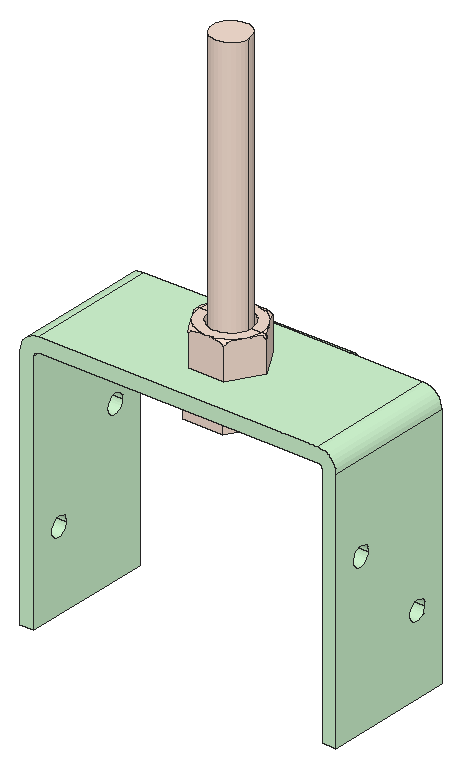
Revit family "キャッチャーボルト65幅", category 機械設備, Revit 2020
Family settings
  丸型コネクタ寸法 = 直径を使用
  種別 = なし
  パーツ タイプ = 標準
  作業面ベース = いいえ
  常に垂直 = はい
  ロード時にボイドで切り取り = いいえ
  共有 = いいえ
  部屋計算ポイント = いいえ
Parameters
  製造元 = "株式会社桐井製作所"
  既定の高さ = 0 mm
  URL = "https://www.kirii.co.jp/"
  K_品名 = "キャッチャーボルト65幅"
  K_名称 = "斜め部材(ブレース)上部取付金具"
  K_バージョン情報 = "20250901"
Reference planes
  plane 1 "中心(正面/背面)": y = 0
  plane 2: z = 0
  plane 3 "中心(左/右)": x = 0
Forms (mm)
  Extrusion 1, void
    sketch origin (0, 0, 0) x (1, 0, 0) y (0, 0, 1)
      loop
        circle (8, 50.787) r 2.25
      loop
        circle (-8, 50.743) r 2.25
    from 0 to -3.2
  Extrusion 2, solid
    sketch origin (0, 0, -5) x (0, 1, 0) y (0, 0, 1)
      loop
        line (0, 65) -> (0, 42.763) -> (3.2, 42.763) -> (3.2, 60.921)
        arc (3.2, 60.921) -> (2.305, 63.513) -> (0, 65) r 4.2
    from 15 to -15
  Extrusion 3, solid
    sketch origin (4.144, 0, -25.761) x (1, 0, 0) y (0, 0, 1)
      loop
        line (27.606, 85.761) -> (-35.894, 85.761)
        arc (-35.894, 85.761) -> (-38.864, 84.531) -> (-40.094, 81.561) r 4.2
        line (-40.094, 81.561) -> (-40.094, 25.761) -> (-36.836, 25.761) -> (-36.836, 81.561)
        arc (-36.836, 81.561) -> (-36.543, 82.268) -> (-35.836, 82.561) r 1
        line (-35.836, 82.561) -> (-14.521, 82.561) -> (15.479, 82.561) -> (27.667, 82.561)
        arc (27.667, 82.561) -> (28.374, 82.268) -> (28.667, 81.561) r 1
        line (28.667, 81.561) -> (28.667, 25.761) -> (31.806, 25.761) -> (31.806, 81.561)
        arc (31.806, 81.561) -> (30.576, 84.531) -> (27.606, 85.761) r 4.2
    from 0 to 30
  Extrusion 4, void
    sketch origin (0, -5, 52.1) x (1, 0, 0) y (0, 1, 0)
      loop
        circle (0, -10) r 5
    from 4.7 to 7.9
  Extrusion 5, void
    sketch origin (0, -30, 0) x (0, -1, 0) y (0, 0, -1)
      loop
        circle (-7, -36) r 2.25
      loop
        circle (-23, -18) r 2.25
    from 35.95 to 32.811
  Extrusion 6, void
    sketch origin (-68.761, 0, 0) x (0, 1, 0) y (0, 0, 1)
      loop
        circle (-7, 36) r 2.25
      loop
        circle (-23, 18) r 2.25
    from 35.95 to 32.811
Cuts and joins
  Extrusion 1, Extrusion 5, Extrusion 6 cuts Extrusion 2
  Extrusion 4, Extrusion 5, Extrusion 6 cuts Extrusion 3
  joined: Extrusion 2, Extrusion 3
Dimensions and locks
  aligned and locked: level to plane 2
Nested families
  nested 1: "ナット" at (0, -15, 60) x (-1, 0, 0) z (0, 0, 1), type "ナット"
  nested 2: "M10×70ボルト" at (0, -15, 49.8) x (1, 0, 0) z (0, 1, 0), type "M10×70ボルト"
Definition of nested family "ナット"
  Parameters (values of type "ナット")
    Default Elevation = 1219.2 mm
  Reference planes
    plane 1 "中心(正面/背面)": y = 0
    plane 2: z = 0
    plane 3 "中心(左/右)": x = 0
  Forms (mm)
    Extrusion 1, solid
      sketch origin (0, 0, 0) x (1, 0, 0) y (0, 1, 0)
        loop
          line (-55, 45) -> (-55, -45.273) -> (55.986, -45.273) -> (55.986, 45) -> (-55, 45)
      from 0 to -304.8
    Revolve 2, solid
      sketch origin (0, 0, 2.36) x (1, 0, 0) y (0, 0, 1)
        loop
          arc (8.083, 4.64) -> (7.781, 5.356) -> (7.057, 5.64) r 1
          line (7.057, 5.64) -> (4.765, 5.64) -> (4.765, -2.36) -> (8.083, -2.36) -> (8.083, 4.64)
        axis (0, 5.64) -> (0, -2.36)
      angle from 0 to 360
    Extrusion 3, void
      sketch origin (0, 0, 0) x (1, 0, 0) y (0, 1, 0)
        loop
          line (8.083, 0) -> (4.041, 7) -> (-4.041, 7) -> (-8.083, 0) -> (-4.041, -7) -> (4.041, -7) -> (8.083, 0)
        loop
          circle (0, 0) r 8.42
      from 0 to 8.277
  Cuts and joins
    Extrusion 3 cuts Revolve 2
  Dimensions and locks
    aligned and locked: plane 2 to Extrusion 1
    aligned and locked: level to Extrusion 1
Definition of nested family "M10×70ボルト"
  Parameters (values of type "M10×70ボルト")
    Manufacturer = "株式会社桐井製作所"
    Default Elevation = 0 mm
    URL = "https://www.kirii.co.jp/"
    K_材料規格 = "M10×L60"
    K_品名 = "M10×60ボルト"
    K_名称 = "M10×60ボルト"
    K_備考 = "KIRIIアングルクランプ付属品"
  Reference planes
    plane 1 "中心(正面/背面)": y = 0
    plane 2: z = 0
    plane 3 "中心(左/右)": x = 0
    plane 4: x = 8
    plane 5: x = -8
    plane 6 "正面": y = -7
    plane 7: z = 8
    plane 8: z = -8
  Forms (mm)
    Extrusion 1, solid
      sketch origin (0, 0, 0) x (1, 0, 0) y (0, 0, 1)
        loop
          line (-4.619, 8) -> (-9.238, 0) -> (-4.619, -8) -> (4.619, -8) -> (9.238, 0) -> (4.619, 8) -> (-4.619, 8)
      from 0 to 7
    Extrusion 2, solid
      sketch origin (0, 0, 25.676) x (1, 0, 0) y (0, 0, 1)
        loop
          circle (0, -25.676) r 4.1
      from 7 to 77
  Cuts and joins
    joined: Extrusion 1, Extrusion 2
  Lines and regions (mm)
    model lines
      curve 1: circle (0, 0, 0) r 8 normal (0, -1, 0)
  Dimensions and locks
    aligned and locked: level to plane 2
